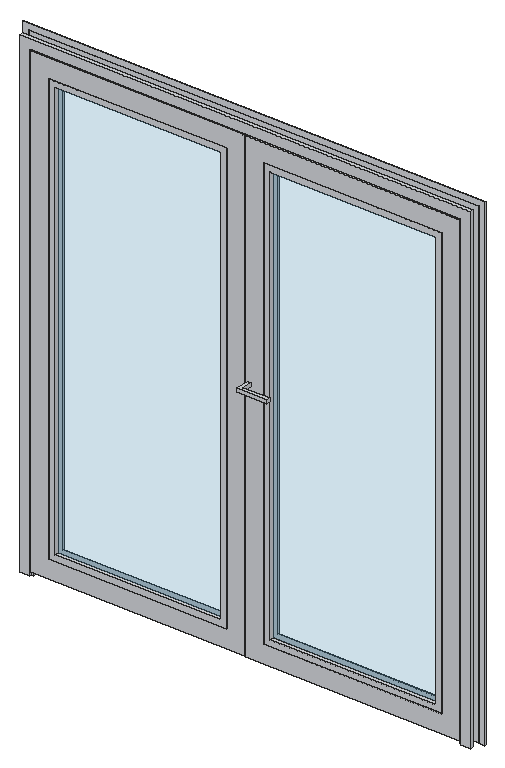
Revit family "FS_Reynaers_CS 59 Functional_Door_Inside Opening Brush_Double", category Окна, Revit 2017
Family settings
  Основа = Стена
  Номер OmniClass = 23.30.20.00
  Заголовок OmniClass = Windows
  Всегда вертикально = Да
  При загрузке вырезать с полостями = Нет
  Общий = Нет
  Точка расчета площади = Нет
Parameters (values of type "Frame 67mm")
  Youtube clip = ""
  Width INT [instance] = 1950 mm
  Width EXT [instance] = 2000 mm
  Weight Net (Kg) = 0
  Wall Exterior Width = 90 mm
  Uniclass 2.0 Description = "Doors, Windows And Glazing Survey Systems"
  Uniclass 2.0 Code = "SS-10-50-25-25"
  Uniclass 1.4 Description = "Doors"
  Uniclass 1.4 Code = "JL20"
  URL = "http://www.reynaers.com/architects/products/cs-59-0"
  UNSPSC Code = "301715"
  Technical description = ""
  Region South America = "None"
  Region Oceania = "None"
  Region North America = "None"
  Region Middle East = "None"
  Region Europe = "AD, AL, AT, AX, BA, BE, BG, BY, CH, CS, CY, CZ, DE, DK, EE, ES, FI, FO, FR, GB, GG, GI, GR, HR, HU, IE, IM, IS, IT, JE, LI, LT, LU, LV, MC, MD, ME, MK, MT, NL, NO, PL, PT, RO, RS, RU, SE, SI, SJ, SK, SM, UA, VA, XK"
  Region Asia = "None"
  Region Antarctica = "None"
  Region Africa = "None"
  REY Website = "www.reynaers.com"
  REY Vent Width = 77 mm
  REY Vent & Gap & 20 = REY Vent Width + REY Gap Width + 20 mm  # 102 mm
  REY Sill Height = 0 mm  # constant formula
  REY Sill H = 0 mm  # constant formula
  REY Shutter Roll Material = none
  REY Shutter Roll Height = 200 mm
  REY Shutter Position = if(BE, 0 mm, REY Butt Strip Width)  # 25 mm
  REY Shutter Height = if(REY Shutter, REY Shutter Roll Height, 0 mm)  # 0 mm
  REY Shutter Depth = if(REY Shutter, 59 mm, 0 mm)  # 0 mm
  REY Shutter = no
  REY Rebate TOP B = if(BE, REY Rebate, 0 mm)  # 0 mm
  REY Rebate TOP A = if(NL, REY Rebate, 0 mm)  # 30 mm
  REY Rebate B = if(BE, REY Rebate, 0 mm)  # 0 mm
  REY Rebate A = if(NL, REY Rebate, 0 mm)  # 30 mm
  REY Rebate = 30 mm
  REY Profile Rebate = 25 mm
  REY Profile Color OUT [instance] = none
  REY Profile Color IN [instance] = none
  REY Panel Tickness [instance] = 24 mm
  REY Panel Material [instance] = Glass
  REY Panel Height [instance] = 1843 mm
  REY Panel Coverage = 19 mm
  REY Panel 1 Width [instance] = 754 mm
  REY Panel 1 Opening Direction Turn DIN R [instance] = yes
  REY Panel 1 Opening Direction Turn DIN L [instance] = no
  REY Offset Wall Ext Int B = if(BE, REY Offset Wall Ext Int, 0 mm)  # 0 mm
  REY Offset Wall Ext Int A = if(NL, REY Offset Wall Ext Int, 0 mm)  # 25 mm
  REY Offset Wall Ext Int = 25 mm
  REY Joint Width B = if(BE, REY Joint Width, 0 mm)  # 0 mm
  REY Joint Width A = if(NL, REY Joint Width, 0 mm)  # 8 mm
  REY Joint Width = 8 mm
  REY Joint Bottom = 0 mm
  REY Gap Width = 5 mm
  REY Gap Floor = 13 mm
  REY Frame Width = 67 mm
  REY Frame Position MID = REY Vent Width + REY Gap Width  # 82 mm
  REY Fixation Bottom = 33 mm
  REY Element Width [instance] = 1990 mm
  REY Element Height [instance] = 2220 mm
  REY Design = 0 mm  # constant formula
  REY Butt Strip Width = 25 mm
  REY Built-In Depth = 50 mm
  REY Brush Profile Height = 26 mm
  REY Block Frame = no
  Product group = "Windows Aluminium"
  Product family = "Windows & Doors"
  Product data url = "http://file-system.ru/catalog/zdaniya_i_sooruzheniya/eksterer/dveri/cs_59_dveri/#close_popup_window"
  Product certification = ""
  Product SKU = "Reynaers_door_Concept_system_59"
  Product Guid = "852ccc50-b7c0-491e-9302-473c1b46b10f"
  OmniClass Description = ""
  OmniClass Code = ""
  Nominal width = 0
  Nominal height = 0
  NL = yes
  NBS Reference Description = "Doors, Windows And Glazing Survey Systems"
  NBS Reference Code = "10-50-25-25"
  Material secondary = "Aluminium"
  Material main = "Aluminium"
  Manufacturer name = "Reynaers"
  Manufacturer country = "Belgium"
  Изготовитель = "Reynaers"
  Installation instructions = ""
  IFC Classification = "Door"
  Height INT [instance] = 2108 mm
  Height EXT [instance] = 2100 mm
  Height [instance] = Height EXT  # 2100 mm
  Edition number = 1
  EAN code = ""
  Design country = "Belgium"
  Default Sill Height = 0 mm
  Замыкание стены = По основе
  Width [instance] = Width EXT  # 2000 mm
  Date of publishing = "2015-11-19"
  COBIe Type Category = ""
  BIMobject category = "Doors"
  BE = no
  Аналитическая конструкция = "<None>"
Reference planes
  plane 1 "Center (Front/Back)": y = 0
  plane 2 "Center (Left/Right)": x = 0
  plane 3 "REY L EXT": x = -1000
  plane 4 "REY R EXT": x = 1000
  plane 5 "Sill": z = 0
  plane 6 "REY Top EXT": z = 2100
  plane 7 "Exterior": y = 150
  plane 8 "Interior": y = -150
  plane 9 "REY Profile L": x = -970
  plane 10 "REY Profile Temp": x = -1000
  plane 11 "REY L INT Temp": x = -1000
  plane 12 "Wall Exterior Width": y = 60
  plane 13 "REY L INT": x = -975
  plane 14 "REY R INT Temp": x = 1000
  plane 15 "REY R INT": x = 975
  plane 16 "REY Top INT": z = 2075
  plane 17 "REY Top INT Temp": z = 2100
  plane 18 "REY Sill Bottom": z = 0
  plane 19 "REY Bottom INT": z = -33
  plane 20 "REY Shutter TOP": z = 2075
  plane 21 "REY Profile TOP": z = 2070
  plane 22 "REY Profile TOP Temp": z = 2100
  plane 23 "REY Profile Joint Temp": y = 60
  plane 24 "REY Profile Joint": y = 68
  plane 25 "REY Built-In-Depth": y = 18
  plane 26 "REY Frame L": x = -903
  plane 27 "REY Gap L": x = -898
  plane 28 "REY Vent L": x = -821
  plane 29 "REY Panel L": x = -840
  plane 30 "REY Profile A Rebate": x = -995
  plane 31 "REY Shutter": y = 68
  plane 32 "REY Profile Design": y = 68
  plane 33 "REY Panel OUT": y = 60
  plane 34 "REY Panel IN": y = 36
  plane 35 "REY Profile R": x = 970
  plane 36 "Mid Window": z = 990
  plane 37 "REY Panel TOP": z = 1940
  plane 38 "REY Gap TOP": z = 1998
  plane 39 "REY Frame TOP": z = 2003
  plane 40 "REY Vent TOP": z = 1921
  plane 41 "REY Shutter Position L": x = -995
  plane 42 "REY Shutter Position R": x = 995
  plane 43 "REY A Butt-Strip": x = -995
  plane 44 "REY Shutter Position TOP": z = 2095
  plane 45 "REY Frame R": x = 903
  plane 46 "REY GAP R": x = 898
  plane 47 "REY Vent R": x = 821
  plane 48 "REY Panel R": x = 840
  plane 49 "REY Door Profile Bottom": z = 13
  plane 50 "REY Door Gap Bottom": z = 39
  plane 51 "REY Panel Bottom": z = 97
  plane 52 "REY Vent Bottom": z = 116
  plane 53 "REY MID 1/2": x = 0
  plane 54 "REY Fixed Gap MID L": x = -3
  plane 55 "REY Fixed Gap MID R": x = 3
  plane 56 "REY Frame INT MID 1/2 L": x = -23
  plane 57 "REY Vent MID L": x = -105
  plane 58 "REY Vent MID R": x = 105
  plane 59 "REY Panel MID L": x = -86
  plane 60 "REY Panel MID R": x = 86
  plane 61 "REY Frame INT MID 1/2 R": x = 23
Forms (mm)
  Extrusion 1, void
    sketch origin (0, 0, 0) x (0, -1, 0) y (1, 0, 0)
      loop
        line (-150, -1000) -> (-60, -1000) -> (-60, 1000) -> (-150, 1000) -> (-150, -1000)
    from 0 to 2100
  Extrusion 2, void
    sketch origin (0, 0, 0) x (0, -1, 0) y (1, 0, 0)
      loop
        line (-60, -975) -> (150, -975) -> (150, 975) -> (-60, 975) -> (-60, -975)
    from -33 to 2075
  Sweep 3, solid, material <- "REY Profile Color OUT"
    path origin (0, 68, 0) x (-1, 0, 0) y (0, 0, 1)
      loop
        line (105, 116) -> (821, 116) -> (821, 1921) -> (105, 1921) -> (105, 116)
    profile origin (-821, 68, 1018.5) x (0, 1, 0) y (-1, 0, 0)
      loop
        line (0, 77) -> (-4.459, 77) -> (-4.459, 82) -> (-6.259, 82) -> (-6.259, 76.048) -> (-3.8, 76.048) -> (-3.8, 0) -> (0, 0) -> (0, 77)
  Sweep 4, solid, material <- "REY Profile Color IN"
    path origin (0, 18, 0) x (-1, 0, 0) y (0, 0, 1)
      loop
        line (821, 116) -> (821, 1921) -> (105, 1921) -> (105, 116) -> (821, 116)
    profile origin (-821, 18, 1018.5) x (1, 0, 0) y (0, 1, 0)
      loop
        line (-102, 4) -> (-102, 0) -> (-25, 0) -> (-25, 4) -> (-102, 4)
      loop
        line (-24, 18) -> (-24, 0) -> (0, 0) -> (0, 18) -> (-24, 18)
  Extrusion 5, solid, material "Glass" <- "REY Panel Material"
    sketch origin (0, 0, 52) x (0, 1, 0) y (-1, 0, 0)
      loop
        line (36, 840) -> (36, 86) -> (60, 86) -> (60, 840) -> (36, 840)
    from 45 to 1888
  Extrusion 6, solid, material <- "REY Profile Color OUT", visible <- "REY Shutter"
    sketch origin (0, 0, 0) x (0, -1, 0) y (1, 0, 0)
      loop
        line (-68, 995) -> (-127, 995) -> (-127, 966.665) -> (-122.8, 966.665) -> (-122.8, 993.165) -> (-104.8, 993.165) -> (-104.8, 966.665) -> (-68, 966.665) -> (-68, 995)
    from 0 to 2070
  Sweep 7, solid, material <- "REY Profile Color OUT", visible <- "NL"
    path origin (0, 68, 0) x (-1, 0, 0) y (0, 0, 1)
      loop
        line (970, 0) -> (970, 2070) -> (-970, 2070) -> (-970, 0)
    profile origin (-970, 68, 1035) x (1, 0, 0) y (0, 1, 0)
      loop
        line (0, 0) -> (-25, 0) -> (-25, -3.8) -> (0, -3.8) -> (0, 0)
  Extrusion 8, solid, material <- "REY Profile Color OUT", visible <- "REY Shutter"
    sketch origin (970, 0, 0) x (0, 1, 0) y (0, 0, -1)
      loop
        line (68, -2078.8) -> (68, -2080.4) -> (89.9, -2080.4)
        arc (89.9, -2080.4) -> (92.728, -2081.572) -> (93.9, -2084.4) r 4
        line (93.9, -2084.4) -> (93.9, -2111.4)
        arc (93.9, -2111.4) -> (90.707, -2119.107) -> (83, -2122.3) r 10.9
        line (83, -2122.3) -> (83, -2123.9)
        arc (83, -2123.9) -> (91.839, -2120.239) -> (95.5, -2111.4) r 12.5
        line (95.5, -2111.4) -> (95.5, -2084.4)
        arc (95.5, -2084.4) -> (93.86, -2080.44) -> (89.9, -2078.8) r 5.6
        line (89.9, -2078.8) -> (68, -2078.8)
    from 0 to 1940
  Extrusion 9, solid, material <- "REY Shutter Roll Material", visible <- "REY Shutter"
    sketch origin (970, 0, 0) x (0, 1, 0) y (0, 0, -1)
      loop
        line (60, -2075) -> (-150, -2075) -> (-150, -2085) -> (60, -2085) -> (60, -2075)
    from -5 to 1945
  Extrusion 10, solid, material <- "REY Profile Color OUT", visible <- "REY Shutter"
    sketch origin (0, 0, 0) x (0, -1, 0) y (1, 0, 0)
      loop
        line (-68, -995) -> (-68, -966.665) -> (-104.8, -966.665) -> (-104.8, -993.165) -> (-122.8, -993.165) -> (-122.8, -966.665) -> (-127, -966.665) -> (-127, -995) -> (-68, -995)
    from 0 to 2095
  Sweep 11, solid, material <- "REY Profile Color IN"
    path origin (0, 18, 0) x (-1, 0, 0) y (0, 0, 1)
      loop
        line (970, 0) -> (970, 2070) -> (-970, 2070) -> (-970, 0)
    profile origin (-970, 18, 1035) x (1, 0, 0) y (0, 1, 0)
      loop
        line (41, 9) -> (52, 9) -> (52, 13) -> (0, 13) -> (0, 0) -> (41, 0) -> (41, 9)
  Sweep 12, solid, material <- "REY Profile Color OUT"
    path origin (0, 68, 0) x (-1, 0, 0) y (0, 0, 1)
      loop
        line (970, 0) -> (970, 2070) -> (-970, 2070) -> (-970, 0)
    profile origin (-970, 68, 1035) x (1, 0, 0) y (0, 1, 0)
      loop
        line (0, 0) -> (0, -3.8) -> (67, -3.8) -> (67, 0) -> (0, 0)
  Extrusion 13, solid, material <- "REY Profile Color OUT"
    sketch origin (0, 0, 0) x (0, -1, 0) y (1, 0, 0)
      loop
        line (-68, -903) -> (-64.2, -903) -> (-64.2, 903) -> (-68, 903) -> (-68, -903)
    from 13 to 39
  Sweep 14, solid, material <- "REY Profile Color OUT"
    path origin (0, 68, 0) x (-1, 0, 0) y (0, 0, 1)
      loop
        line (-821, 1921) -> (-821, 116) -> (-105, 116) -> (-105, 1921) -> (-821, 1921)
    profile origin (821, 68, 1018.5) x (1, 0, 0) y (0, 1, 0)
      loop
        line (77, 0) -> (0, 0) -> (0, -3.8) -> (76.048, -3.8) -> (76.048, -6.259) -> (82, -6.259) -> (82, -4.459) -> (77, -4.459) -> (77, 0)
  Sweep 15, solid, material <- "REY Profile Color IN"
    path origin (0, 18, 0) x (-1, 0, 0) y (0, 0, 1)
      loop
        line (-821, 116) -> (-105, 116) -> (-105, 1921) -> (-821, 1921) -> (-821, 116)
    profile origin (821, 18, 1018.5) x (0, 1, 0) y (-1, 0, 0)
      loop
        line (4, -102) -> (4, -25) -> (0, -25) -> (0, -102) -> (4, -102)
      loop
        line (18, -24) -> (18, 0) -> (0, 0) -> (0, -24) -> (18, -24)
  Extrusion 16, solid, material "Glass" <- "REY Panel Material"
    sketch origin (0, 0, 97) x (0, -1, 0) y (1, 0, 0)
      loop
        line (-60, 86) -> (-36, 86) -> (-36, 840) -> (-60, 840) -> (-60, 86)
    from 0 to 1843
  Extrusion 17, solid, material <- "REY Profile Color OUT"
    sketch origin (0, 0, 39) x (0, -1, 0) y (1, 0, 0)
      loop
        line (-68, -23) -> (-64, -23) -> (-64, 23) -> (-68, 23) -> (-68, -23)
    from 0 to 1964
Lines and regions (mm)
  symbolic lines, style "Windows"
    curve 1: line (-903, 68, 0) -> (-970, 68, 0)
    curve 2: line (-903, 61.741, 0) -> (-903, 68, 0)
    curve 3: line (-928, 61.741, 0) -> (-928, 27, 0)
    curve 4: line (-903, 61.741, 0) -> (-928, 61.741, 0)
    curve 5: line (-821, 18, 0) -> (-923, 18, 0)
    curve 6: line (-923, 18, 0) -> (-923, 22, 0)
    curve 7: line (-898, 68, 0) -> (-898, 60, 0)
    curve 8: line (-821, 68, 0) -> (-898, 68, 0)
    curve 9: line (-923, 22, 0) -> (-923, 60, 0)
    curve 10: line (-923, 60, 0) -> (-898, 60, 0)
    curve 11: line (970, 68, 0) -> (970, 18, 0)
    curve 12: line (970, 18, 0) -> (928, 18, 0)
    curve 13: line (928, 18, 0) -> (928, 61.741, 0)
    curve 14: line (970, 68, 0) -> (903, 68, 0)
    curve 15: line (898, 68, 0) -> (898, 59.741, 0)
    curve 16: line (-3, 18, 0) -> (821, 18, 0)
    curve 17: line (-3, 22, 0) -> (-3, 18, 0)
    curve 18: line (923, 59.741, 0) -> (923, 22, 0)
    curve 19: line (898, 68, 0) -> (821, 68, 0)
    curve 20: line (-821, 68, 0) -> (-821, 18, 0)
    curve 21: line (821, 18, 0) -> (821, 68, 0)
    curve 22: line (821, 36, 0) -> (105, 36, 0)
    curve 23: line (970, 60, 2070) -> (970, 9, 2070)
    curve 24: line (970, 9, 2018) -> (970, 9, 2070)
    curve 25: line (970, 61.741, 2018) -> (970, 9, 2018)
    curve 26: line (970, 61.741, 2003) -> (970, 61.741, 2018)
    curve 27: line (970, 61.741, 2003) -> (970, 60, 2003)
    curve 28: line (970, 60, 2003) -> (970, 60, 2070)
    curve 30: line (970, 61.741, 1940) -> (970, 18, 1940)
    curve 31: line (970, 61.741, 1921) -> (970, 61.741, 1940)
    curve 32: line (970, 68, 1921) -> (970, 61.741, 1921)
    curve 33: line (970, 68, 1921) -> (970, 68, 1998)
    curve 34: line (970, 57.21, 1998) -> (970, 68, 1998)
    curve 35: line (970, 57.21, 1998) -> (970, 57.21, 2100)
    curve 36: line (970, 57.21, 2100) -> (970, 4, 2100)
    curve 37: line (970, 18, 2023) -> (970, 4, 2023)
    curve 38: line (970, 18, 1921) -> (970, 18, 2023)
    curve 39: line (970, 36, 1921) -> (970, 18, 1921)
    curve 40: line (970, 18, 1921) -> (970, 18, 1940)
    curve 41: line (970, 36, 1940) -> (970, 18, 1940)
    curve 42: line (970, 36, 1940) -> (970, 36, 1921)
    curve 62: line (-970, 18, 0) -> (-970, 68, 0)
    curve 63: line (-821, 60, 0) -> (-105, 60, 0)
    curve 64: line (903, 61.741, 0) -> (903, 68, 0)
    curve 65: line (903, 61.741, 0) -> (928, 61.741, 0)
    curve 66: line (898, 59.741, 0) -> (923, 59.741, 0)
    curve 80: line (-929, 27, 0) -> (-929, 18, 0)
    curve 81: line (-929, 18, 0) -> (-970, 18, 0)
    curve 87: line (-105, 36, 0) -> (-821, 36, 0)
    curve 88: line (105, 60, 0) -> (821, 60, 0)
    curve 89: line (3, 68, 39) -> (105, 68, 39)
    curve 90: line (3, 18, 39) -> (3, 68, 39)
    curve 91: line (105, 18, 39) -> (3, 18, 39)
    curve 92: line (105, 68, 39) -> (105, 18, 39)
    curve 93: line (-3, 68, 39) -> (-105, 68, 39)
    curve 94: line (-3, 18, 39) -> (-3, 68, 39)
    curve 95: line (-105, 18, 39) -> (-3, 18, 39)
    curve 96: line (-105, 68, 39) -> (-105, 18, 39)
  symbolic lines, style "Windows", not visible
    curve 29: line (970, 18, 1940) -> (970, 18, 2023)
  symbolic lines, style "Windows", visible <- "REY Block Frame"
    curve 43: line (970, 110, 0) -> (970, 68, 0)
  symbolic lines, style "Windows", visible <- "NL"
    curve 44: line (970, 2.2, 0) -> (970, 60, 0)
  symbolic lines, style "REY Draaisymbool Aanzicht Binnen", detail levels medium+fine
    curve 45: line (821, 18, 1921) -> (105, 18, 990)
    curve 46: line (105, 18, 990) -> (821, 18, 116)
  symbolic lines
    curve 47: line (-1000, 150, 0) -> (1000, 150, 0)
    curve 48: line (1000, -150, 0) -> (-1000, -150, 0)
  symbolic lines, style "Windows", visible <- "REY Shutter"
    curve 49: line (-995, 127, 0) -> (-966.665, 127, 0)
    curve 50: line (-966.665, 127, 0) -> (-966.665, 122.8, 0)
    curve 51: line (-966.665, 122.8, 0) -> (-993.165, 122.8, 0)
    curve 52: line (-993.165, 122.8, 0) -> (-993.165, 104.8, 0)
    curve 53: line (-993.165, 104.8, 0) -> (-966.665, 104.8, 0)
    curve 54: line (-966.665, 104.8, 0) -> (-966.665, 68, 0)
    curve 55: line (-995, 64, 0) -> (-995, 127, 0)
    curve 56: line (966.665, 127, 0) -> (970, 127, 0)
    curve 57: line (966.665, 122.8, 0) -> (966.665, 127, 0)
    curve 58: line (993.165, 122.8, 0) -> (966.665, 122.8, 0)
    curve 59: line (993.165, 104.8, 0) -> (993.165, 122.8, 0)
    curve 60: line (991.665, 104.8, 0) -> (993.165, 104.8, 0)
    curve 61: line (970, 68, 0) -> (991.665, 68, 0)
  symbolic lines, style "Windows", visible <- "REY Panel 1 Opening Direction Turn DIN R"
    curve 67: line (25.5, 18, 0) -> (10.5, 18, 0)
    curve 73: line (10.5, -39.5, 0) -> (10.5, 18, 0)
    curve 74: line (138, -39.5, 0) -> (10.5, -39.5, 0)
    curve 75: line (138, -24.5, 0) -> (138, -39.5, 0)
    curve 76: line (25.5, -24.5, 0) -> (138, -24.5, 0)
    curve 77: line (25.5, 18, 0) -> (25.5, -24.5, 0)
  symbolic lines, style "REY Draaisymbool Aanzicht Binnen"
    curve 68: line (-821, 18, 1921) -> (-105, 18, 990)
    curve 69: line (-105, 18, 990) -> (-821, 18, 116)
  symbolic lines, style "Windows", visible <- "REY Panel 1 Opening Direction Turn DIN L"
    curve 70: line (-10.5, -39.5, 0) -> (-10.5, 18, 0)
    curve 71: line (-25.5, 18, 0) -> (-25.5, -24.5, 0)
    curve 72: line (-138, -39.5, 0) -> (-10.5, -39.5, 0)
    curve 78: line (-138, -24.5, 0) -> (-138, -39.5, 0)
    curve 79: line (-25.5, -24.5, 0) -> (-138, -24.5, 0)
  symbolic lines, style "REY Draaisymbool Plan"
    curve 82: line (903, 68, 39) -> (903, -835, 39)
    curve 83: line (-903, 68, 39) -> (-903, -835, 39)
    curve 84: line (923, 18, 39) -> (821, 18, 39)
    curve 85: arc (0, 68, 39) -> (-264.483, -570.517, 39) -> (-903, -835, 39) r 903
    curve 86: arc (0, 68, 39) -> (264.483, -570.517, 39) -> (903, -835, 39) r 903
Text (mm)
  text "EXTERIOR" at (-1963.203, 1332.353, 0), in view "Ref. Level"
  text "INTERIOR" at (-1981.466, -818.386, 0), in view "Ref. Level"
  text "Exterior" at (0, 923.751, 2943.296), in view "Right"
  text "Exterior" at (0, 1040.484, 2685.409), in view "Left"
  text "EXT" at (0, 709.313, 2863.072), in view "Section 1"
Dimensions and locks
  equal spacing: plane 3 "REY L EXT", plane 2 "Center (Left/Right)", plane 4 "REY R EXT"
  "Width": plane 3 "REY L EXT" to plane 4 "REY R EXT"
  "Height": plane 5 "Sill" to plane 6 "REY Top EXT"
  "Default Sill Height": plane 5 "Sill" to level
  locked: plane 7 "Exterior" to host wall at 0
  locked: plane 8 "Interior" to host wall
  "Wall Exterior Width": plane 7 "Exterior" to plane 12 "Wall Exterior Width"
  "REY Rebate B": plane 10 "REY Profile Temp" to plane 3 "REY L EXT"
  "REY Rebate A": plane 10 "REY Profile Temp" to plane 9 "REY Profile L"
  "REY Offset Wall Ext Int B": plane 4 "REY R EXT" to plane 14 "REY R INT Temp"
  "REY Offset Wall Ext Int B": plane 11 "REY L INT Temp" to plane 3 "REY L EXT"
  "REY Offset Wall Ext Int A": plane 11 "REY L INT Temp" to plane 13 "REY L INT"
  "REY Offset Wall Ext Int A": plane 15 "REY R INT" to plane 14 "REY R INT Temp"
  "REY Offset Wall Ext Int A": plane 16 "REY Top INT" to plane 17 "REY Top INT Temp"
  "REY Offset Wall Ext Int B": plane 6 "REY Top EXT" to plane 17 "REY Top INT Temp"
  "Width INT": plane 13 "REY L INT" to plane 15 "REY R INT"
  "REY Joint Bottom": plane 5 "Sill" to plane 18 "REY Sill Bottom"
  "REY Fixation Bottom": plane 18 "REY Sill Bottom" to plane 19 "REY Bottom INT"
  "REY Shutter Height": plane 20 "REY Shutter TOP" to plane 16 "REY Top INT"
  "REY Rebate TOP B": plane 22 "REY Profile TOP Temp" to plane 6 "REY Top EXT"
  "REY Rebate TOP A": plane 22 "REY Profile TOP Temp" to plane 21 "REY Profile TOP"
  "REY Joint Width A": plane 24 "REY Profile Joint" to plane 23 "REY Profile Joint Temp"
  "REY Joint Width B": plane 12 "Wall Exterior Width" to plane 23 "REY Profile Joint Temp"
  "REY Built-In Depth": plane 32 "REY Profile Design" to plane 25 "REY Built-In-Depth"
  "REY Frame Width": plane 9 "REY Profile L" to plane 26 "REY Frame L"
  "REY Gap Width": plane 26 "REY Frame L" to plane 27 "REY Gap L"
  "REY Vent Width": plane 27 "REY Gap L" to plane 28 "REY Vent L"
  "REY Profile Rebate": plane 30 "REY Profile A Rebate" to plane 9 "REY Profile L"
  "REY Panel Coverage": plane 29 "REY Panel L" to plane 28 "REY Vent L"
  "REY Design": plane 31 "REY Shutter" to plane 32 "REY Profile Design"
  "REY Shutter Depth": plane 24 "REY Profile Joint" to plane 31 "REY Shutter"
  locked: plane 32 "REY Profile Design" to plane 33 "REY Panel OUT" at 8
  "REY Panel Tickness": plane 33 "REY Panel OUT" to plane 34 "REY Panel IN"
  equal spacing: plane 9 "REY Profile L", plane 2 "Center (Left/Right)", plane 35 "REY Profile R"
  Sweep 4 sketch curve to Sweep 4 sketch curve = 24 mm
  Sweep 4 sketch curve to Sweep 4 sketch curve = 1 mm
  Sweep 4 to Sweep 4 = 24 mm
  Sweep 4 to Sweep 4 = 1 mm
  "REY Vent Width": plane 40 "REY Vent TOP" to plane 38 "REY Gap TOP"
  "REY Gap Width": plane 38 "REY Gap TOP" to plane 39 "REY Frame TOP"
  "REY Panel Coverage": plane 40 "REY Vent TOP" to plane 37 "REY Panel TOP"
  "REY Shutter Position": plane 41 "REY Shutter Position L" to plane 9 "REY Profile L"
  "REY Shutter Position": plane 35 "REY Profile R" to plane 42 "REY Shutter Position R"
  Extrusion 6 sketch curve to Extrusion 6 sketch curve to Extrusion 6 sketch curve = 18 mm locked, 4.2 mm locked
  locked: Extrusion 6 sketch curve to Extrusion 6 sketch curve at 1.835
  locked: Extrusion 6 sketch curve to Extrusion 6 sketch curve at 28.335
  locked: Extrusion 6 sketch curve to Extrusion 6 sketch curve at 36.8
  plane 22 "REY Profile TOP Temp" to plane 36 "Mid Window" = 1110 mm
  "REY Butt Strip Width": plane 43 "REY A Butt-Strip" to plane 9 "REY Profile L"
  "REY Shutter Position": plane 44 "REY Shutter Position TOP" to plane 21 "REY Profile TOP"
  "REY Frame Width": plane 39 "REY Frame TOP" to plane 21 "REY Profile TOP"
  locked: Extrusion 8 sketch curve to plane 44 "REY Shutter Position TOP" at 14.6
  locked: Extrusion 8 sketch curve to plane 31 "REY Shutter" at 25.9
  Extrusion 9 to plane 6 "REY Top EXT" = 15 mm
  Extrusion 10 sketch curve to Extrusion 10 sketch curve to Extrusion 10 sketch curve = 18 mm locked, 4.2 mm locked
  locked: Extrusion 10 sketch curve to Extrusion 10 sketch curve at 1.835
  locked: Extrusion 10 sketch curve to Extrusion 10 sketch curve at 28.335
  locked: Extrusion 10 sketch curve to Extrusion 10 sketch curve at 36.8
  locked: Sweep 3 sketch curve to Sweep 3 sketch curve at 0.952
  locked: curve 3 to curve 9 at 5
  "REY Vent Width": plane 47 "REY Vent R" to plane 46 "REY GAP R"
  "REY Gap Width": plane 46 "REY GAP R" to plane 45 "REY Frame R"
  "REY Frame Width": plane 45 "REY Frame R" to plane 35 "REY Profile R"
  locked: curve 18 to curve 13 at 5
  "Height INT": plane 20 "REY Shutter TOP" to plane 19 "REY Bottom INT"
  "REY Element Width": plane 41 "REY Shutter Position L" to plane 42 "REY Shutter Position R"
  locked: nested 2 to Sweep 4 at 15
  "REY Panel Coverage": plane 47 "REY Vent R" to plane 48 "REY Panel R"
  locked: Sweep 4 to Sweep 11 sketch curve at 5
  locked: Sweep 4 sketch curve to plane 26 "REY Frame L" at 20
  "REY Gap Floor": plane 49 "REY Door Profile Bottom" to plane 18 "REY Sill Bottom"
  "REY Brush Profile Height": plane 50 "REY Door Gap Bottom" to plane 49 "REY Door Profile Bottom"
  "REY Vent Width": plane 52 "REY Vent Bottom" to plane 50 "REY Door Gap Bottom"
  "REY Panel Coverage": plane 52 "REY Vent Bottom" to plane 51 "REY Panel Bottom"
  locked: Extrusion 9 to plane 20 "REY Shutter TOP" at 10
  "REY Panel Height": plane 37 "REY Panel TOP" to plane 51 "REY Panel Bottom"
  plane 52 "REY Vent Bottom" to plane 49 "REY Door Profile Bottom" = 103 mm
  Sweep 11 sketch curve to Sweep 4 = 6 mm
  plane 41 "REY Shutter Position L" to Sweep 11 = 66 mm
  Sweep 11 to Sweep 4 = 6 mm
  Sweep 4 to Sweep 4 to Sweep 4 = 77 mm, 25 mm
  plane 54 "REY Fixed Gap MID L" to plane 53 "REY MID 1/2" to plane 55 "REY Fixed Gap MID R" = 3 mm locked, 3 mm locked
  "REY Vent & Gap & 20": plane 57 "REY Vent MID L" to plane 54 "REY Fixed Gap MID L"
  "REY Vent & Gap & 20": plane 55 "REY Fixed Gap MID R" to plane 58 "REY Vent MID R"
  "REY Panel Coverage": plane 57 "REY Vent MID L" to plane 59 "REY Panel MID L"
  "REY Panel Coverage": plane 60 "REY Panel MID R" to plane 58 "REY Vent MID R"
  "REY Frame Position MID": plane 57 "REY Vent MID L" to plane 56 "REY Frame INT MID 1/2 L"
  "REY Frame Position MID": plane 61 "REY Frame INT MID 1/2 R" to plane 58 "REY Vent MID R"
  plane 56 "REY Frame INT MID 1/2 L" to plane 53 "REY MID 1/2" to plane 61 "REY Frame INT MID 1/2 R" = 23 mm, 23 mm
  locked: Sweep 14 sketch curve to Sweep 14 sketch curve at 0.952
  Sweep 15 sketch curve to Sweep 15 sketch curve = 24 mm
  Sweep 15 sketch curve to Sweep 15 sketch curve = 1 mm
  locked: plane 45 "REY Frame R" to Sweep 15 sketch curve at 20
  plane 26 "REY Frame L" to plane 53 "REY MID 1/2" to plane 45 "REY Frame R" = 903 mm, 903 mm  (x4)
  locked: plane 55 "REY Fixed Gap MID R" to nested 1 at 15
  "REY Panel 1 Width": plane 29 "REY Panel L" to plane 59 "REY Panel MID L"
  radius of Extrusion 8 sketch curve = 4 mm
  radius of Extrusion 8 sketch curve = 10.9 mm
  aligned and locked: Extrusion 1 sketch curve to plane 3 "REY L EXT"
  aligned and locked: plane 4 "REY R EXT" to Extrusion 1 sketch curve
  aligned and locked: Extrusion 1 sketch curve to plane 12 "Wall Exterior Width"
  aligned and locked: plane 7 "Exterior" to Extrusion 1 sketch curve
  aligned and locked: Extrusion 1 to plane 6 "REY Top EXT"
  aligned and locked: Extrusion 2 sketch curve to plane 12 "Wall Exterior Width"
  aligned and locked: Extrusion 2 sketch curve to plane 8 "Interior"
  aligned and locked: plane 13 "REY L INT" to Extrusion 2 sketch curve
  aligned and locked: plane 15 "REY R INT" to Extrusion 2 sketch curve
  aligned and locked: Extrusion 2 to plane 19 "REY Bottom INT"
  aligned and locked: plane 20 "REY Shutter TOP" to Extrusion 2
  aligned and locked: Sweep 3 sketch curve to plane 28 "REY Vent L"  (x2)
  aligned and locked: Sweep 4 sketch curve to plane 28 "REY Vent L"
  aligned and locked: Sweep 4 sketch curve to plane 34 "REY Panel IN"
  aligned and locked: Extrusion 5 sketch curve to plane 34 "REY Panel IN"
  aligned and locked: Extrusion 5 sketch curve to plane 33 "REY Panel OUT"
  aligned and locked: Extrusion 5 sketch curve to plane 29 "REY Panel L"
  aligned and locked: Extrusion 5 to plane 37 "REY Panel TOP"
  aligned and locked: Extrusion 6 sketch curve to Extrusion 6 sketch curve
  aligned and locked: Extrusion 6 sketch curve to plane 31 "REY Shutter"
  aligned and locked: plane 42 "REY Shutter Position R" to Extrusion 6 sketch curve
  aligned and locked: plane 9 "REY Profile L" to Sweep 7 sketch curve  (x2)
  aligned and locked: plane 35 "REY Profile R" to Sweep 7 sketch curve
  aligned and locked: Sweep 7 sketch curve to plane 43 "REY A Butt-Strip"
  aligned and locked: plane 21 "REY Profile TOP" to Extrusion 6
  aligned and locked: plane 31 "REY Shutter" to Extrusion 8 sketch curve
  aligned and locked: Sweep 7 sketch curve to plane 21 "REY Profile TOP"
  aligned and locked: Extrusion 8 to plane 9 "REY Profile L"
  aligned and locked: Extrusion 9 sketch curve to plane 16 "REY Top INT"
  aligned and locked: plane 12 "Wall Exterior Width" to Extrusion 9 sketch curve
  aligned and locked: Sweep 4 to curve 6
  aligned and locked: curve 17 to Sweep 4
  aligned and locked: curve 20 to Sweep 4
  aligned and locked: curve 23 to plane 21 "REY Profile TOP"
  aligned and locked: Sweep 3 to curve 26
  aligned and locked: curve 27 to Sweep 3
  aligned and locked: Sweep 4 to curve 29
  aligned and locked: plane 37 "REY Panel TOP" to curve 30
  aligned and locked: Sweep 3 to curve 31
  aligned and locked: curve 32 to Sweep 3
  aligned and locked: curve 34 to Sweep 3
  aligned and locked: curve 37 to Sweep 4
  aligned and locked: curve 39 to Sweep 4
  aligned and locked: Sweep 4 to curve 40
  aligned and locked: plane 37 "REY Panel TOP" to curve 41
  aligned and locked: Sweep 4 to curve 42
  aligned and locked: Extrusion 10 sketch curve to plane 31 "REY Shutter"
  aligned and locked: Extrusion 10 sketch curve to plane 41 "REY Shutter Position L"
  aligned and locked: plane 44 "REY Shutter Position TOP" to Extrusion 10
  aligned and locked: curve 49 to Extrusion 10
  aligned and locked: Extrusion 10 to curve 51
  aligned and locked: curve 52 to Extrusion 10
  aligned and locked: curve 53 to Extrusion 10
  aligned and locked: curve 54 to Extrusion 10
  aligned and locked: curve 55 to Extrusion 10
  aligned and locked: curve 56 to Extrusion 6
  aligned and locked: curve 57 to Extrusion 6
  aligned and locked: curve 58 to Extrusion 6
  aligned and locked: curve 59 to Extrusion 6
  aligned and locked: Extrusion 6 to curve 60
  aligned and locked: plane 32 "REY Profile Design" to curve 1
  aligned and locked: plane 32 "REY Profile Design" to curve 8
  aligned and locked: plane 27 "REY Gap L" to Sweep 3 sketch curve
  aligned and locked: plane 26 "REY Frame L" to Sweep 3 sketch curve
  aligned and locked: curve 7 to plane 27 "REY Gap L"
  aligned and locked: Extrusion 10 sketch curve to Extrusion 10 sketch curve
  aligned and locked: curve 50 to Extrusion 10
  aligned and locked: curve 22 to plane 34 "REY Panel IN"
  aligned and locked: plane 25 "REY Built-In-Depth" to curve 5
  aligned and locked: curve 16 to Sweep 4
  aligned and locked: plane 46 "REY GAP R" to curve 15
  aligned and locked: curve 64 to plane 45 "REY Frame R"
  aligned and locked: nested 1 to plane 25 "REY Built-In-Depth"
  aligned and locked: nested 2 to curve 72
  aligned and locked: plane 25 "REY Built-In-Depth" to nested 2
  aligned and locked: curve 67 to nested 1
  aligned and locked: plane 31 "REY Shutter" to Sweep 7 sketch curve
  aligned and locked: Sweep 12 sketch curve to plane 26 "REY Frame L"
  aligned and locked: plane 32 "REY Profile Design" to Extrusion 13 sketch curve
  aligned and locked: plane 45 "REY Frame R" to Extrusion 13 sketch curve
  aligned and locked: plane 26 "REY Frame L" to Extrusion 13 sketch curve
  aligned and locked: Extrusion 13 to Sweep 3
  aligned and locked: curve 74 to nested 1
  aligned and locked: nested 1 to curve 76
  aligned and locked: curve 78 to nested 2
  aligned and locked: Extrusion 13 to plane 49 "REY Door Profile Bottom"
  aligned and locked: Extrusion 9 to plane 13 "REY L INT"
  aligned and locked: Extrusion 9 to plane 15 "REY R INT"
  aligned and locked: Extrusion 5 to plane 51 "REY Panel Bottom"
  aligned and locked: Sweep 11 sketch curve to plane 25 "REY Built-In-Depth"
  aligned and locked: curve 80 to Sweep 11
  aligned and locked: curve 9 to Sweep 4
  aligned and locked: plane 57 "REY Vent MID L" to Sweep 3 sketch curve
  aligned and locked: plane 52 "REY Vent Bottom" to Sweep 3 sketch curve
  aligned and locked: Sweep 3 sketch curve to plane 40 "REY Vent TOP"
  aligned and locked: plane 28 "REY Vent L" to Sweep 4 sketch curve
  aligned and locked: Sweep 4 sketch curve to plane 57 "REY Vent MID L"
  aligned and locked: plane 40 "REY Vent TOP" to Sweep 4 sketch curve
  aligned and locked: plane 52 "REY Vent Bottom" to Sweep 4 sketch curve
  aligned and locked: plane 40 "REY Vent TOP" to Sweep 14 sketch curve
  aligned and locked: plane 47 "REY Vent R" to Sweep 14 sketch curve  (x2)
  aligned and locked: plane 52 "REY Vent Bottom" to Sweep 14 sketch curve
  aligned and locked: plane 58 "REY Vent MID R" to Sweep 14 sketch curve
  aligned and locked: Sweep 14 sketch curve to plane 32 "REY Profile Design"
  aligned and locked: Sweep 14 sketch curve to plane 46 "REY GAP R"
  aligned and locked: Sweep 14 sketch curve to plane 45 "REY Frame R"
  aligned and locked: Sweep 15 sketch curve to plane 52 "REY Vent Bottom"
  aligned and locked: Sweep 15 sketch curve to plane 47 "REY Vent R"
  aligned and locked: Sweep 15 sketch curve to plane 40 "REY Vent TOP"
  aligned and locked: Sweep 15 sketch curve to plane 58 "REY Vent MID R"
  aligned and locked: plane 47 "REY Vent R" to Sweep 15 sketch curve
  aligned and locked: Sweep 15 sketch curve to plane 25 "REY Built-In-Depth"  (x2)
  aligned and locked: Sweep 15 sketch curve to plane 34 "REY Panel IN"
  aligned and locked: plane 59 "REY Panel MID L" to Extrusion 5 sketch curve
  aligned and locked: plane 60 "REY Panel MID R" to Extrusion 16 sketch curve
  aligned and locked: Extrusion 16 sketch curve to plane 48 "REY Panel R"
  aligned and locked: Extrusion 16 sketch curve to plane 34 "REY Panel IN"
  aligned and locked: plane 33 "REY Panel OUT" to Extrusion 16 sketch curve
  aligned and locked: Extrusion 16 to plane 37 "REY Panel TOP"
  aligned and locked: curve 45 to Sweep 14
  aligned and locked: plane 36 "Mid Window" to curve 45
  aligned and locked: plane 36 "Mid Window" to curve 68
  aligned and locked: Sweep 14 to curve 46
  aligned and locked: curve 69 to Sweep 3
  aligned and locked: plane 56 "REY Frame INT MID 1/2 L" to Extrusion 17 sketch curve
  aligned and locked: Extrusion 17 sketch curve to plane 61 "REY Frame INT MID 1/2 R"
  aligned and locked: Extrusion 17 to plane 39 "REY Frame TOP"
  aligned and locked: plane 53 "REY MID 1/2" to plane 2 "Center (Left/Right)"
  aligned and locked: curve 21 to plane 47 "REY Vent R"
  aligned and locked: curve 71 to nested 2
  aligned and locked: curve 70 to nested 2
  aligned and locked: curve 19 to plane 32 "REY Profile Design"
  aligned and locked: curve 14 to plane 32 "REY Profile Design"
  aligned and locked: curve 12 to plane 25 "REY Built-In-Depth"
  aligned and locked: curve 73 to nested 1
  aligned and locked: curve 77 to nested 1
  aligned and locked: curve 75 to nested 1
  aligned and locked: curve 89 to plane 32 "REY Profile Design"
  aligned and locked: curve 90 to plane 55 "REY Fixed Gap MID R"
  aligned and locked: plane 25 "REY Built-In-Depth" to curve 91
  aligned and locked: curve 92 to plane 58 "REY Vent MID R"
  aligned and locked: plane 32 "REY Profile Design" to curve 93
  aligned and locked: curve 94 to plane 54 "REY Fixed Gap MID L"
  aligned and locked: curve 95 to plane 25 "REY Built-In-Depth"
  aligned and locked: curve 96 to plane 57 "REY Vent MID L"
Automatic sketch dimensions
  Extrusion 8 sketch curve to Extrusion 8 sketch curve = 0 mm  (x3)
  Extrusion 8 sketch curve to Extrusion 8 sketch curve = 1.6 mm
  Extrusion 8 sketch curve to Extrusion 8 sketch curve = 27 mm
  Sweep 3 sketch curve to plane 32 "REY Profile Design" = 0 mm
  Sweep 3 sketch curve to plane 32 "REY Profile Design" = 3.8 mm
  Sweep 3 sketch curve to Sweep 3 sketch curve = 1.8 mm
  Sweep 7 sketch curve to plane 32 "REY Profile Design" = 3.8 mm
  Sweep 3 sketch curve to plane 32 "REY Profile Design" = 6.259 mm
  Sweep 7 sketch curve to level = 0 mm  (x2)
  Extrusion 13 sketch curve to plane 32 "REY Profile Design" = 3.8 mm
  Sweep 14 sketch curve to plane 32 "REY Profile Design" = 6.259 mm
  Sweep 14 sketch curve to plane 32 "REY Profile Design" = 3.8 mm
  Sweep 14 sketch curve to Sweep 14 sketch curve = 1.8 mm
  plane 33 "REY Panel OUT" to Extrusion 17 sketch curve = 8 mm
  plane 34 "REY Panel IN" to Extrusion 17 sketch curve = 28 mm
  Sweep 4 sketch curve to plane 25 "REY Built-In-Depth" = 0 mm  (x2)
  Sweep 4 sketch curve to Sweep 4 sketch curve = 4 mm
  Extrusion 9 sketch curve to host wall = 0 mm
  Extrusion 9 sketch curve to plane 20 "REY Shutter TOP" = 10 mm
  plane 6 "REY Top EXT" to curve 35 = 0 mm
  curve 33 to plane 31 "REY Shutter" = 0 mm
  curve 23 to plane 23 "REY Profile Joint Temp" = 0 mm
  plane 39 "REY Frame TOP" to curve 25 = 15 mm
  plane 33 "REY Panel OUT" to curve 35 = 2.79 mm
  host wall to curve 23 = 9 mm
  host wall to curve 37 = 4 mm
  host wall to curve 36 = 4 mm
  host wall to curve 48 = 0 mm
  curve 48 to plane 11 "REY L INT Temp" = 0 mm
  curve 47 to host wall = 0 mm
  curve 47 to plane 3 "REY L EXT" = 0 mm
  curve 47 to plane 4 "REY R EXT" = 0 mm
  plane 23 "REY Profile Joint Temp" to curve 44 = 0 mm
  curve 44 to plane 35 "REY Profile R" = 0 mm
  curve 48 to plane 14 "REY R INT Temp" = 0 mm
  curve 44 to host wall = 2.2 mm
  curve 45 to plane 58 "REY Vent MID R" = 0 mm
  curve 69 to plane 57 "REY Vent MID L" = 0 mm
  curve 68 to plane 28 "REY Vent L" = 0 mm
  curve 46 to plane 52 "REY Vent Bottom" = 0 mm
  curve 69 to plane 52 "REY Vent Bottom" = 0 mm
  curve 68 to plane 40 "REY Vent TOP" = 0 mm
  curve 45 to plane 40 "REY Vent TOP" = 0 mm
  Sweep 11 sketch curve to plane 21 "REY Profile TOP" = 0 mm
  plane 35 "REY Profile R" to Sweep 11 sketch curve = 0 mm
  Sweep 11 sketch curve to plane 9 "REY Profile L" = 0 mm
  Sweep 11 sketch curve to level = 0 mm  (x2)
  Sweep 11 sketch curve to profile plane = 0 mm
  plane 25 "REY Built-In-Depth" to Sweep 11 sketch curve = 9 mm
  Sweep 11 sketch curve to Sweep 11 sketch curve = 4 mm
  Sweep 12 sketch curve to plane 21 "REY Profile TOP" = 0 mm
  plane 35 "REY Profile R" to Sweep 12 sketch curve = 0 mm
  Sweep 12 sketch curve to plane 9 "REY Profile L" = 0 mm
  Sweep 12 sketch curve to level = 0 mm  (x2)
  Sweep 12 sketch curve to profile plane = 0 mm
  Sweep 12 sketch curve to plane 32 "REY Profile Design" = 0 mm
  Sweep 12 sketch curve to Sweep 12 sketch curve = 3.8 mm
  plane 25 "REY Built-In-Depth" to Sweep 15 sketch curve = 4 mm
  curve 2 to plane 26 "REY Frame L" = 0 mm
  curve 10 to plane 33 "REY Panel OUT" = 0 mm
  curve 62 to plane 9 "REY Profile L" = 0 mm
  curve 62 to plane 25 "REY Built-In-Depth" = 0 mm
  curve 11 to plane 35 "REY Profile R" = 0 mm
  plane 33 "REY Panel OUT" to curve 88 = 0 mm
  curve 63 to plane 33 "REY Panel OUT" = 0 mm
  curve 87 to plane 34 "REY Panel IN" = 0 mm
  curve 70 to plane 25 "REY Built-In-Depth" = 0 mm
  curve 71 to plane 25 "REY Built-In-Depth" = 0 mm
  curve 63 to plane 57 "REY Vent MID L" = 0 mm
  curve 87 to plane 57 "REY Vent MID L" = 0 mm
  curve 88 to plane 58 "REY Vent MID R" = 0 mm
  curve 22 to plane 58 "REY Vent MID R" = 0 mm
  curve 56 to plane 35 "REY Profile R" = 0 mm
  plane 33 "REY Panel OUT" to curve 65 = 1.741 mm
  plane 33 "REY Panel OUT" to curve 4 = 1.741 mm
  curve 66 to plane 33 "REY Panel OUT" = 0.259 mm
  curve 6 to curve 5 = 4 mm
  curve 79 to curve 72 = 15 mm
  curve 43 to curve 59 = 5.2 mm
  curve 55 to plane 31 "REY Shutter" = 4 mm
  curve 3 to curve 6 = 5 mm
  curve 80 to curve 3 = 0 mm
  plane 25 "REY Built-In-Depth" to curve 18 = 4 mm
  curve 17 to curve 16 = 4 mm
  curve 66 to plane 45 "REY Frame R" = 20 mm
  plane 4 "REY R EXT" to curve 60 = 8.335 mm
  plane 4 "REY R EXT" to curve 61 = 8.335 mm
  curve 82 to plane 45 "REY Frame R" = 0 mm
  curve 83 to plane 26 "REY Frame L" = 0 mm
  curve 86 to plane 31 "REY Shutter" = 0 mm
  curve 85 to plane 2 "Center (Left/Right)" = 0 mm
  curve 85 to plane 31 "REY Shutter" = 0 mm
  curve 82 to plane 31 "REY Shutter" = 0 mm
  curve 83 to plane 31 "REY Shutter" = 0 mm
  curve 84 to plane 25 "REY Built-In-Depth" = 0 mm
  curve 86 to plane 2 "Center (Left/Right)" = 0 mm
  curve 84 to plane 47 "REY Vent R" = 0 mm
  curve 84 to plane 45 "REY Frame R" = 20 mm
Nested families
  nested 1: "REY Handle Door" at (18, 18, 1077.5), REY Handle Color <- "REY Profile Color IN", visible <- "REY Panel 1 Opening Direction Turn DIN R", type "REY Handle Door"
    with REY Handle Color none
  nested 2: "REY Handle Door" at (-18, 18, 1077.5) x (-1, 0, 0) z (0, 0, 1), REY Handle Color <- "REY Profile Color IN", visible <- "REY Panel 1 Opening Direction Turn DIN L", type "REY Handle Door"
    with REY Handle Color none
Definition of nested family "REY Handle Door"
  Parameters
    REY Handle Color [instance] = none
  Reference planes
    plane 1 "Center (Front/Back)": y = 0
    plane 2: z = 0
    plane 3 "Center (Left/Right)": x = 0
  Forms (mm)
    Sweep 1, solid, material <- "REY Handle Color"
      path origin (0, 0, 0) x (1, 0, 0) y (0, 1, 0)
        loop
          line (0, 0) -> (0, -50) -> (120, -50)
      profile origin (0, -25, 0) x (1, 0, 0) y (0, 0, 1)
        loop
          line (-7.5, 0) -> (-7.5, -15) -> (7.5, -15) -> (7.5, 0) -> (-7.5, 0)
  Dimensions and locks
    Sweep 1 sketch curve to profile plane to Sweep 1 sketch curve = 7.5 mm, 7.5 mm
    aligned and locked: level to plane 2
